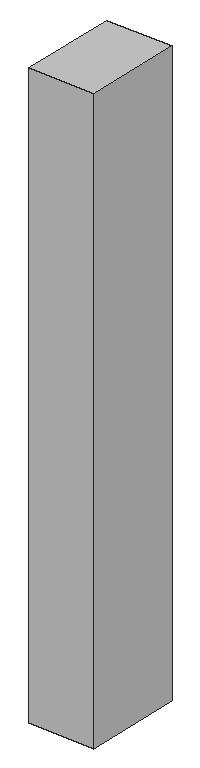
Revit family "Concrete-Rectangular-Column", category 구조 기둥, Revit 2026
Family settings
  숨겨진 뷰로 표시 = 다른 부재에 가려진 모서리
  단면 모양 = 정의되지 않음
  모델 동작 재료 = 콘크리트
  항상 형상으로 내보내기 = 아니오
  평면의 보 전환 = 경계 상자에서
  로드될 때 보이드를 사용하여 절단 = 아니오
  기호 표현 = 패밀리에서
  공유 = 아니오
  평면도에서 미리 절단된 패밀리 표시 = 예
Parameters (values of type "12 x 18")
  조합 코드 = "B10"
  Structural Material [instance] = Concrete - Cast-in-Place Concrete
  b = 1' - 0"
  h = 1' - 6"
Types (4): name | b | h
  (no name) | 1' - 0" | 1' - 6"
  12 x 18 | 1' - 0" | 1' - 6"
  18 x 24 | 1' - 6" | 2' - 0"
  24 x 30 | 2' - 0" | 2' - 6"
Reference planes (in)
  plane 1 "Center (Front/Back)": y = 0
  plane 2: z = 0
  plane 3 "Center (Left/Right)": x = 0
  plane 4: x = -6
  plane 5: x = 6
  plane 6: y = 9
  plane 7: y = -9
Forms (in)
  Extrusion 1, solid, material "Concrete - Cast-in-Place Concrete" <- "Structural Material"
    sketch origin (0, 0, 0) x (1, 0, 0) y (0, 1, 0)
      loop
        line (-6, 9) -> (-6, -9) -> (6, -9) -> (6, 9) -> (-6, 9)
    from 0 to 108
Dimensions and locks (in)
  equal spacing: plane 4, plane 3 "Center (Left/Right)", plane 5
  equal spacing: plane 7, plane 1 "Center (Front/Back)", plane 6
  "h": plane 7 to plane 6
  "b": plane 4 to plane 5
  aligned and locked: plane 6 to Extrusion 1 sketch curve
  aligned and locked: Extrusion 1 sketch curve to plane 7
  aligned and locked: Extrusion 1 sketch curve to plane 4
  aligned and locked: plane 5 to Extrusion 1 sketch curve
  aligned and locked: level to Extrusion 1
  aligned and locked: level to plane 2
  aligned and locked: Extrusion 1 to plane 2
